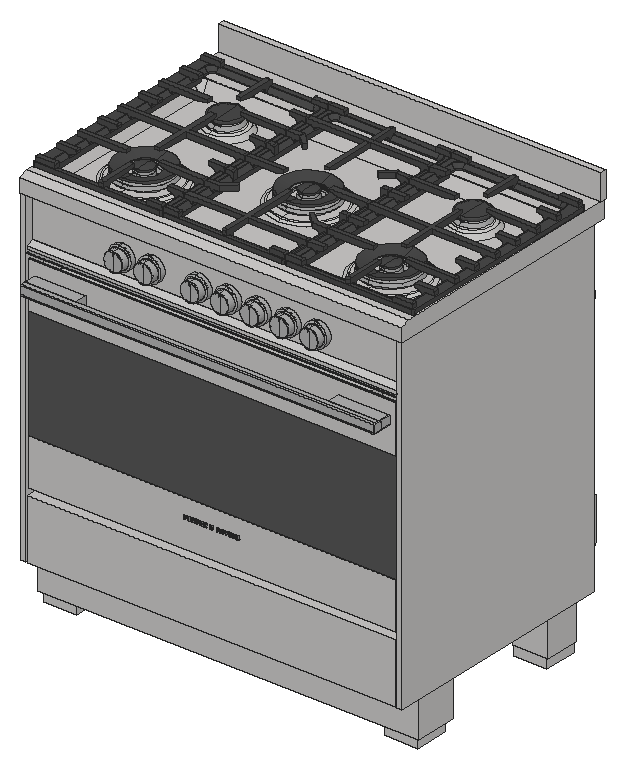
Revit family "FP_Revit_18_OR90SDG4X1_Range_90001042A", category Specialty Equipment, Revit 2018
Family settings
  Round Connector Dimension = Use Diameter
  Part Type = Normal
  OmniClass Number = 23.40.40.14.17.17
  OmniClass Title = Ranges
  Work Plane-Based = No
  Always vertical = Yes
  Cut with Voids When Loaded = Yes
  Shared = No
  Room Calculation Point = No
Parameters
  Visibility - Toe Kick Panel (Optional) = yes
  Visibility - Rear Trim (Supplied) = yes
  Visibility - Clearance Required = yes
  Visibility - Adjustable Feet Covers = yes
  URL = "www.fisherpaykel.com"
  Product - Width = 897 mm  # constant formula
  Product - Height = 915 mm  # constant formula
  Product - Depth = 641.2 mm  # constant formula
  Optional - Toe Kick Panel = "KICKOR90X1"
  Model = "OR90SDG4X1"
  Material - Trim = Fisher & Paykel - Steel, Chrome Plated
  Material - Handle = Fisher & Paykel - Aluminium
  Material - Door Front = Fisher & Paykel - Stainless Steel
  Material - Buttons and Dials = Fisher & Paykel - Aluminium
  Material - Burners & Trivets = Fisher & Paykel - Black, Matte
  Material - Body = Fisher & Paykel - Stainless Steel
  Manufacturer = "Fisher & Paykel Appliances"
  Keynote = ""
  Description = "90cm Contemporary Freestanding Dual Fuel Range (Stainless)"
  Countertop Height (min 908mm - max 933mm) = 915 mm
  Connector Description - Gas = "NG 1kPa, ULPG 2.75 kPa, Gas Connection to be Rp ½” (ISO 7-1) male"
  Connector Description - Electrical = "220-240 V, 50 Hz, 22 A"
  Clearance - Side Non-Combustible = 0 mm  # constant formula
  Clearance - Side Combustible = 200 mm  # constant formula
  Clearance - Rear Non-Combustible = 0 mm  # constant formula
  Clearance - Rear Combustible = 0 mm  # constant formula
  Clearance - Overhead Rangehood = 650 mm  # constant formula
  Clearance - Overhead Non-Combustible = 450 mm  # constant formula
  Clearance - Overhead Combustible = 650 mm  # constant formula
  Chassis - Width = 897 mm  # constant formula
  Chassis - Height = 813.6 mm  # constant formula
  Chassis - Depth = 593.5 mm  # constant formula
  Cavity - Width = 900 mm  # constant formula
  Cavity - Height = 915 mm  # constant formula
  Cavity - Depth = 600 mm  # constant formula
Reference planes
  plane 1 "Datum": y = 0
  plane 2: z = 0
  plane 3 "Center (Left/Right)": x = 0
  plane 4 "Product Height": z = 923
  plane 5 "Product LHS": x = -448.5
  plane 6 "Product RHS": x = 448.5
  plane 7 "Cavity LHS": x = -450
  plane 8 "Cavity RHS": x = 450
  plane 9 "Product Depth": y = 600
  plane 10 "Cavity Depth": y = 600
  plane 11 "Dials": z = 820.4
  plane 12 "Countertop Height": z = 915
  plane 13 "Top of Burners": z = 957
Forms (mm)
  Extrusion 1, solid, material "Fisher & Paykel - Stainless Steel" <- "Material - Body"
    sketch origin (0, 0, 0) x (0, 1, 0) y (0, 0, 1)
      loop
        line (50.7, 883) -> (50.7, 109.4) -> (565, 109.4) -> (565, 883) -> (50.7, 883)
    from -435.7 to 435.7
  Extrusion 2, solid, material "Fisher & Paykel - Stainless Steel" <- "Material - Body"
    sketch origin (0, 0, 0) x (0, 1, 0) y (0, 0, 1)
      loop
        line (19, 883) -> (19, 782.4) -> (50.7, 782.4) -> (50.7, 883) -> (19, 883)
    from -435.7 to 435.7
  Extrusion 3, solid, material "Fisher & Paykel - Stainless Steel" <- "Material - Body"
    sketch origin (0, 0, 0) x (0, 1, 0) y (0, 0, 1)
      loop
        line (31.59, 250.4) -> (1.5, 250.4) -> (1.5, 109.4) -> (31.59, 109.4) -> (31.59, 250.4)
    from -432 to 432
  Extrusion 4, solid, material "Fisher & Paykel - Clearance Required", visible <- "Visibility - Clearance Required", detail levels coarse
    sketch origin (0, 0, 0) x (0, 1, 0) y (0, 0, 1)
      loop
        line (0, 266.1) -> (0, 747.098)
        arc (0, 747.098) -> (-340.117, 606.217) -> (-480.998, 266.1) r 480.998
        line (-480.998, 266.1) -> (0, 266.1)
    from -435.7 to 435.7
  Extrusion 5, solid, material "Fisher & Paykel - Clearance Required", visible <- "Visibility - Clearance Required", detail levels coarse
    sketch origin (0, 0, 0) x (0, 1, 0) y (0, 0, 1)
      loop
        line (600, 0) -> (600, 923) -> (0, 923) -> (0, 0) -> (600, 0)
    from -450 to 450
  Extrusion 6, solid, material "Fisher & Paykel - Clearance Required (Combustible)", visible <- "Visibility - Clearance Required", detail levels coarse
    sketch origin (0, 0, 0) x (1, 0, 0) y (0, 1, 0)
      loop
        line (-450, 0) -> (-450, 600) -> (-650, 600) -> (-650, 0) -> (-450, 0)
      loop
        line (450, 0) -> (650, 0) -> (650, 600) -> (450, 600) -> (450, 0)
    from 923 to 1407
  Extrusion 7, solid, material "Fisher & Paykel - Clearance Required (Combustible)", visible <- "Visibility - Clearance Required", detail levels coarse
    sketch origin (0, 0, 0) x (1, 0, 0) y (0, 1, 0)
      loop
        line (-450, 0) -> (450, 0) -> (450, 600) -> (-450, 600) -> (-450, 0)
    from 1607 to 1407
  Extrusion 8, solid, material "Fisher & Paykel - Clearance Required (Non-Combustible)", visible <- "Visibility - Clearance Required", detail levels coarse
    sketch origin (0, 0, 0) x (1, 0, 0) y (0, 1, 0)
      loop
        line (450, 600) -> (-450, 600) -> (-450, 0) -> (450, 0) -> (450, 600)
    from 923 to 1407
  Extrusion 9, solid, material "Fisher & Paykel - Stainless Steel" <- "Material - Body"
    sketch origin (0, 0, 0) x (0, 1, 0) y (0, 0, 1)
      loop
        line (0, 883) -> (0, 109.4) -> (565, 109.4) -> (565, 883) -> (0, 883)
    from 435.7 to 447.5
  Extrusion 10, solid, material "Fisher & Paykel - Stainless Steel" <- "Material - Body"
    sketch origin (0, 0, 0) x (0, 1, 0) y (0, 0, 1)
      loop
        line (0, 883) -> (0, 109.4) -> (565, 109.4) -> (565, 883) -> (0, 883)
    from -447.504 to -435.7
  Extrusion 11, solid, material "Fisher & Paykel - Stainless Steel" <- "Material - Body"
    sketch origin (0, 0, 0) x (0, 1, 0) y (0, 0, 1)
      loop
        line (50.7, 782.4) -> (19, 782.4) -> (2, 774.4) -> (2, 767.4) -> (50.7, 767.4) -> (50.7, 782.4)
    from -435.7 to 435.7
  Extrusion 12, solid, material "Fisher & Paykel - Steel, Chrome Plated" <- "Material - Trim", detail levels fine
    sketch origin (0, 0, 0) x (0, 1, 0) y (0, 0, 1)
      loop
        line (1.349, 762.4) -> (1.349, 760.4) -> (50.7, 760.4) -> (50.7, 762.4) -> (1.349, 762.4)
    from -435.7 to 435.7
  Extrusion 13, solid, material "Fisher & Paykel - Stainless Steel" <- "Material - Body"
    sketch origin (0, 0, 0) x (0, 1, 0) y (0, 0, 1)
      loop
        line (-1.5, 914.915) -> (-1.5, 883) -> (593.5, 883) -> (593.5, 923) -> (18.511, 923) -> (-1.5, 914.915)
    from -448.5 to 448.5
  Extrusion 14, solid, material "Fisher & Paykel - Stainless Steel" <- "Material - Body", visible <- "Visibility - Adjustable Feet Covers"
    sketch origin (0, 0, 0) x (1, 0, 0) y (0, 1, 0)
      loop
        line (-360.4, 137.7) -> (-442.5, 137.7) -> (-442.5, 55.7) -> (-360.4, 55.7) -> (-360.4, 137.7)
      loop
        line (-360.4, 516.7) -> (-442.482, 516.7) -> (-442.482, 434.7) -> (-360.4, 434.7) -> (-360.4, 516.7)
      loop
        line (360.4, 137.7) -> (360.4, 55.7) -> (442.5, 55.7) -> (442.5, 137.7) -> (360.4, 137.7)
      loop
        line (360.4, 516.7) -> (360.4, 434.7) -> (442.482, 434.7) -> (442.482, 516.7) -> (360.4, 516.7)
    from 23.7 to 109.4
  Extrusion 15, solid, material "Fisher & Paykel - Stainless Steel" <- "Material - Body", visible <- "Visibility - Adjustable Feet Covers"
    sketch origin (0, 0, 0) x (1, 0, 0) y (0, 1, 0)
      loop
        line (-362.4, 514.7) -> (-440.5, 514.7) -> (-440.5, 436.7) -> (-362.4, 436.7) -> (-362.4, 514.7)
      loop
        line (-362.4, 135.7) -> (-440.5, 135.7) -> (-440.5, 57.7) -> (-362.4, 57.7) -> (-362.4, 135.7)
      loop
        line (362.4, 514.7) -> (362.4, 436.7) -> (440.5, 436.7) -> (440.5, 514.7) -> (362.4, 514.7)
      loop
        line (362.4, 135.7) -> (362.4, 57.7) -> (440.5, 57.7) -> (440.5, 135.7) -> (362.4, 135.7)
    from 0 to 23.7
  Extrusion 16, solid, material "Fisher & Paykel - Stainless Steel" <- "Material - Body", visible <- "Visibility - Toe Kick Panel (Optional)"
    sketch origin (0, 0, 0) x (1, 0, 0) y (0, 1, 0)
      loop
        line (-442.5, 151.534) -> (-447.504, 151.534) -> (-447.504, 50.7) -> (447.35, 50.7) -> (447.35, 151.534) -> (442.5, 151.534) -> (442.5, 55.7) -> (-442.5, 55.7) -> (-442.5, 151.534)
    from 23.7 to 109.4
  Extrusion 17, solid, material "Fisher & Paykel - Stainless Steel" <- "Material - Door Front"
    sketch origin (0, 0, 0) x (0, 1, 0) y (0, 0, 1)
      loop
        line (7.845, 745.371) -> (7.845, 273.1) -> (43.8, 273.1) -> (43.8, 741.592) -> (7.845, 745.371)
    from -365 to 365
  Extrusion 18, void
    sketch origin (0, 0, 0) x (1, 0, 0) y (0, 1, 0)
      loop
        arc (-402.8, 492.791) -> (-416.942, 486.933) -> (-422.8, 472.791) r 20
        line (-422.8, 472.791) -> (-422.8, 66.2)
        arc (-422.8, 66.2) -> (-415.478, 48.522) -> (-397.8, 41.2) r 25
        line (-397.8, 41.2) -> (397.8, 41.2)
        arc (397.8, 41.2) -> (415.478, 48.522) -> (422.8, 66.2) r 25
        line (422.8, 66.2) -> (422.8, 466.59)
        arc (422.8, 466.59) -> (415.126, 485.117) -> (396.6, 492.791) r 26.2
        line (396.6, 492.791) -> (-402.8, 492.791)
    from 883 to 923
  Extrusion 19, solid, material "Fisher & Paykel - Stainless Steel" <- "Material - Body", not visible
    sketch origin (0, 0, 0) x (0, 1, 0) y (0, 0, 1)
      loop
        line (584, 983) -> (584, 923) -> (598.5, 923) -> (598.5, 983) -> (584, 983)
    from -448.5 to 448.5
  Revolve 20, solid, material "Fisher & Paykel - Stainless Steel" <- "Material - Body", detail levels fine
    sketch origin (-290.104, 3.75, 0) x (0, 1, 0) y (0, 0, 1)
      loop
        line (163, 893) -> (163, 897) -> (84.905, 897)
        arc (84.905, 897) -> (83.174, 896.81) -> (81.524, 896.25) r 8
        line (81.524, 896.25) -> (74.554, 893) -> (163, 893)
      axis (163, 893) -> (163, 897)
    angle from 0 to 360
  Revolve 21, solid, material "Fisher & Paykel - Stainless Steel" <- "Material - Body", detail levels fine
    sketch origin (-290.104, -6.25, 0) x (0, 1, 0) y (0, 0, 1)
      loop
        line (414.1, 907.049) -> (372.389, 907.049)
        arc (372.389, 907.049) -> (368.674, 906.135) -> (365.808, 903.599) r 8
        line (365.808, 903.599) -> (358.481, 893) -> (414.1, 893) -> (414.1, 907.049)
      axis (414.1, 893) -> (414.1, 907.049)
    angle from 0 to 360
  Extrusion 22, void
    sketch origin (0, 0, 0) x (1, 0, 0) y (0, 0, 1)
      loop
        line (351.8, 237) -> (-428.7, 237) -> (-428.7, 109.4) -> (428.7, 109.4) -> (428.7, 883) -> (351.8, 883) -> (351.8, 237)
    from -609.888 to -519.5
  Extrusion 23, solid, material "Fisher & Paykel - Stainless Steel" <- "Material - Body", detail levels medium+fine
    sketch origin (0, 0, 0) x (1, 0, 0) y (0, 1, 0)
      loop
        circle (-370, 550.5) r 6
    from 137 to 237
  Extrusion 24, solid, material "Fisher & Paykel - Stainless Steel"
    sketch origin (0, 0, 0) x (1, 0, 0) y (0, 0, 1)
      loop
        circle (-420.064, 912.06) r 4.009
      loop
        circle (-420.064, 912.06) r 7.491
      loop
        circle (420.064, 912.06) r 4.009
      loop
        circle (420.064, 912.06) r 7.491
    from -593.5 to -598.5
  Extrusion 25, solid, material "Fisher & Paykel - Stainless Steel" <- "Material - Body"
    sketch origin (0, 0, 0) x (1, 0, 0) y (0, 0, 1)
      loop
        line (-308.2, 367) -> (-428.7, 367) -> (-428.7, 237) -> (-308.2, 237) -> (-308.2, 367)
    from -587.5 to -565
  Extrusion 26, solid, material "Fisher & Paykel - Stainless Steel" <- "Material - Body"
    sketch origin (0, 0, 1000) x (1, 0, 0) y (0, 0, 1)
      loop
        line (227.779, -394.6) -> (-310.779, -394.6)
        arc (-310.779, -394.6) -> (-380.07, -440.899) -> (-363.812, -522.633) r 75
        line (-363.812, -522.633) -> (-237.954, -648.491)
        arc (-237.954, -648.491) -> (-220.111, -660.413) -> (-199.064, -664.6) r 55
        line (-199.064, -664.6) -> (116.064, -664.6)
        arc (116.064, -664.6) -> (137.111, -660.413) -> (154.954, -648.491) r 55
        line (154.954, -648.491) -> (280.812, -522.633)
        arc (280.812, -522.633) -> (297.07, -440.899) -> (227.779, -394.6) r 75
    from -578.5 to -565
  Revolve 27, solid, material "Fisher & Paykel - Stainless Steel" <- "Material - Body", detail levels fine
    sketch origin (290.104, 3.75, 0) x (0, 1, 0) y (0, 0, -1)
      loop
        line (163, -893) -> (74.554, -893) -> (81.524, -896.25)
        arc (81.524, -896.25) -> (83.174, -896.81) -> (84.905, -897) r 8
        line (84.905, -897) -> (163, -897) -> (163, -893)
      axis (163, -893) -> (163, -897)
    angle from 0 to 360
  Revolve 28, solid, material "Fisher & Paykel - Stainless Steel" <- "Material - Body", detail levels fine
    sketch origin (290.104, -6.25, 0) x (0, 1, 0) y (0, 0, -1)
      loop
        line (414.1, -907.049) -> (414.1, -893) -> (358.481, -893) -> (365.808, -903.599)
        arc (365.808, -903.599) -> (368.674, -906.135) -> (372.389, -907.049) r 8
        line (372.389, -907.049) -> (414.1, -907.049)
      axis (414.1, -893) -> (414.1, -907.049)
    angle from 0 to 360
  Revolve 29, solid, material "Fisher & Paykel - Stainless Steel" <- "Material - Body", detail levels fine
    sketch origin (0, 123.75, 0) x (0, 1, 0) y (0, 0, 1)
      loop
        line (163, 893) -> (163, 897) -> (84.905, 897)
        arc (84.905, 897) -> (83.174, 896.81) -> (81.524, 896.25) r 8
        line (81.524, 896.25) -> (74.554, 893) -> (163, 893)
      axis (163, 893) -> (163, 897)
    angle from 0 to 360
  Extrusion 30, solid, material "Fisher & Paykel - Stainless Steel" <- "Material - Body", detail levels medium+fine
    sketch origin (0, 0, 0) x (1, 0, 0) y (0, 0, 1)
      loop
        arc (159.044, 220.6) -> (155.509, 219.136) -> (154.044, 215.6) r 5
        line (154.044, 215.6) -> (154.044, 165.6)
        arc (154.044, 165.6) -> (155.509, 162.064) -> (159.044, 160.6) r 5
        line (159.044, 160.6) -> (208.84, 160.6)
        arc (208.84, 160.6) -> (212.375, 162.064) -> (213.84, 165.6) r 5
        line (213.84, 165.6) -> (213.84, 215.6)
        arc (213.84, 215.6) -> (212.375, 219.136) -> (208.84, 220.6) r 5
        line (208.84, 220.6) -> (159.044, 220.6)
    from -556.873 to -549.515
  Revolve 31, solid, material "Fisher & Paykel - Stainless Steel" <- "Material - Body", detail levels medium+fine
    sketch origin (0, 569.5, 0) x (1, 0, 0) y (0, 0, 1)
      loop
        line (145.68, 191.077) -> (245, 191.077) -> (245, 204.6) -> (232, 204.6) -> (232, 201.081) -> (222, 201.081) -> (222, 208.65) -> (210, 208.65) -> (210, 201.85) -> (157.68, 201.85) -> (157.68, 208.65) -> (145.68, 208.65) -> (145.68, 191.077)
      axis (145.68, 191.077) -> (245, 191.077)
    angle from 0 to 360
  Extrusion 32, solid, material "Fisher & Paykel - Stainless Steel" <- "Material - Body", detail levels medium+fine
    sketch origin (0, 0, 1000) x (1, 0, 0) y (0, 0, 1)
      loop
        circle (183.596, -809.4) r 26.954
    from -565.952 to -556.873
  Extrusion 33, solid, material "Fisher & Paykel - Stainless Steel" <- "Material - Body"
    sketch origin (0, 0, 0) x (1, 0, 0) y (0, 0, 1)
      loop
        circle (395, 716.093) r 34.119
    from -590 to -570.221
  Extrusion 34, solid, material "Fisher & Paykel - Stainless Steel" <- "Material - Body"
    sketch origin (0, 0, 0) x (1, 0, 0) y (0, 0, 1)
      loop
        circle (395, 716.093) r 10
    from -598 to -590
  Revolve 35, solid, material "Fisher & Paykel - Stainless Steel" <- "Material - Body", detail levels medium+fine
    sketch origin (0, 569.346, 0) x (1, 0, 0) y (0, 0, 1)
      loop
        line (395, 758.6) -> (395, 673.6) -> (413.153, 673.6) -> (413.153, 693.6) -> (406.654, 693.6) -> (406.654, 738.6) -> (413.153, 738.6) -> (413.153, 758.6) -> (395, 758.6)
      axis (395, 758.6) -> (395, 673.6)
    angle from 0 to 360
  Sweep 36, solid, material "Fisher & Paykel - Stainless Steel" <- "Material - Body"
    path origin (395, 0, 0) x (0, 1, 0) y (0, 0, 1)
      loop
        line (569.499, 218.575) -> (569.499, 839.583)
        arc (569.499, 839.583) -> (562.465, 856.566) -> (545.482, 863.6) r 24.017
        line (545.482, 863.6) -> (519.5, 863.6)
    profile origin (395, 532.491, 863.6) x (0, 0, -1) y (1, 0, 0)
      loop
        circle (0, 0) r 8
  Sweep 37, solid, material "Fisher & Paykel - Stainless Steel" <- "Material - Body", detail levels medium+fine
    path origin (0, 569.5, 0) x (1, 0, 0) y (0, 0, 1)
      loop
        line (245, 191.077) -> (367.503, 191.077)
        arc (367.503, 191.077) -> (386.946, 199.131) -> (395, 218.575) r 27.497
    profile origin (306.252, 569.5, 191.077) x (0, 0, 1) y (0, -1, 0)
      loop
        circle (0, 0) r 8
  Sweep 38, solid, material "Fisher & Paykel - Stainless Steel" <- "Material - Body", detail levels medium+fine
    path in 3D
      loop
        arc (396.6, 492.791, 923) -> (415.126, 485.117, 923) -> (422.8, 466.59, 923) r 26.2
        line (422.8, 466.59, 923) -> (422.8, 66.2, 923)
        arc (422.8, 66.2, 923) -> (415.478, 48.522, 923) -> (397.8, 41.2, 923) r 25
        line (397.8, 41.2, 923) -> (-397.8, 41.2, 923)
        arc (-397.8, 41.2, 923) -> (-415.478, 48.522, 923) -> (-422.8, 66.2, 923) r 25
        line (-422.8, 66.2, 923) -> (-422.8, 472.791, 923)
        arc (-422.8, 472.791, 923) -> (-416.942, 486.933, 923) -> (-402.8, 492.791, 923) r 20
        line (-402.8, 492.791, 923) -> (396.6, 492.791, 923)
    profile origin (-3.1, 492.791, 923) x (0, 1, 0) y (0, 0, 1)
      loop
        line (0, 0) -> (-17.321, -30) -> (0, -30) -> (0, 0)
  Extrusion 39, solid, material "Fisher & Paykel - Stainless Steel" <- "Material - Body"
    sketch origin (0, 0, 0) x (1, 0, 0) y (0, 1, 0)
      loop
        circle (-401.482, 475.7) r 25
      loop
        circle (-401.5, 96.7) r 25
      loop
        circle (401.482, 475.7) r 25
      loop
        circle (401.5, 96.7) r 25
    from 0 to 109.4
  Extrusion 40, solid, material "Fisher & Paykel - Stainless Steel" <- "Material - Door Front"
    sketch origin (0, 0, 0) x (0, 1, 0) y (0, 0, 1)
      loop
        line (2.8, 265.5) -> (3.8, 265.5) -> (3.8, 376.471) -> (2.8, 376.471) -> (2.8, 265.5)
      loop
        line (2.8, 637.7) -> (3.8, 637.7) -> (3.8, 747.7) -> (2.8, 747.7) -> (2.8, 637.7)
    from -432 to 432
  Extrusion 41, solid, material "Fisher & Paykel - Stainless Steel" <- "Material - Body", visible <- "Visibility - Rear Trim (Supplied)"
    sketch origin (0, 0, 0) x (0, 1, 0) y (0, 0, 1)
      loop
        line (584, 983) -> (584, 923) -> (598.5, 923) -> (598.5, 983) -> (584, 983)
    from -448.5 to 448.5
  Extrusion 42, solid, material "Fisher & Paykel - Glass, Black"
    sketch origin (0, 0, 0) x (0, 1, 0) y (0, 0, 1)
      loop
        line (3.8, 747.7) -> (3.8, 265.5) -> (7.845, 265.5) -> (7.845, 747.7) -> (3.8, 747.7)
    from -432 to 432
  Extrusion 43, void
    sketch origin (0, 0, 0) x (0, 1, 0) y (0, 0, 1)
      loop
        line (600, 0) -> (600, 923) -> (-40, 923) -> (-40, 0) -> (600, 0)
    from -450 to 450
  Revolve 44, solid, material "Fisher & Paykel - Stainless Steel" <- "Material - Body", not visible, detail levels fine
    sketch origin (-290.104, 2003.75, 0) x (0, 1, 0) y (0, 0, 1)
      loop
        line (163, 893) -> (163, 897) -> (84.905, 897)
        arc (84.905, 897) -> (83.174, 896.81) -> (81.524, 896.25) r 8
        line (81.524, 896.25) -> (74.554, 893) -> (163, 893)
      axis (163, 893) -> (163, 897)
    angle from 0 to 360
  Revolve 45, solid, material "Fisher & Paykel - Stainless Steel" <- "Material - Body", not visible, detail levels fine
    sketch origin (-290.104, 1993.75, 0) x (0, 1, 0) y (0, 0, 1)
      loop
        line (414.1, 907.049) -> (372.389, 907.049)
        arc (372.389, 907.049) -> (368.674, 906.135) -> (365.808, 903.599) r 8
        line (365.808, 903.599) -> (358.481, 893) -> (414.1, 893) -> (414.1, 907.049)
      axis (414.1, 893) -> (414.1, 907.049)
    angle from 0 to 360
  Revolve 46, solid, material "Fisher & Paykel - Stainless Steel" <- "Material - Body", not visible, detail levels fine
    sketch origin (290.104, 2003.75, 0) x (0, 1, 0) y (0, 0, -1)
      loop
        line (163, -893) -> (74.554, -893) -> (81.524, -896.25)
        arc (81.524, -896.25) -> (83.174, -896.81) -> (84.905, -897) r 8
        line (84.905, -897) -> (163, -897) -> (163, -893)
      axis (163, -893) -> (163, -897)
    angle from 0 to 360
  Revolve 47, solid, material "Fisher & Paykel - Stainless Steel" <- "Material - Body", not visible, detail levels fine
    sketch origin (290.104, 1993.75, 0) x (0, 1, 0) y (0, 0, -1)
      loop
        line (414.1, -907.049) -> (414.1, -893) -> (358.481, -893) -> (365.808, -903.599)
        arc (365.808, -903.599) -> (368.674, -906.135) -> (372.389, -907.049) r 8
        line (372.389, -907.049) -> (414.1, -907.049)
      axis (414.1, -893) -> (414.1, -907.049)
    angle from 0 to 360
  Revolve 48, solid, material "Fisher & Paykel - Stainless Steel" <- "Material - Body", not visible, detail levels fine
    sketch origin (0, 2123.75, 0) x (0, 1, 0) y (0, 0, 1)
      loop
        line (163, 893) -> (163, 897) -> (84.905, 897)
        arc (84.905, 897) -> (83.174, 896.81) -> (81.524, 896.25) r 8
        line (81.524, 896.25) -> (74.554, 893) -> (163, 893)
      axis (163, 893) -> (163, 897)
    angle from 0 to 360
Cuts and joins
  Extrusion 18, Extrusion 22 cuts Extrusion 1
  Extrusion 18 cuts Extrusion 5
  Extrusion 18 cuts Extrusion 14
  Extrusion 18 cuts Extrusion 15
  Extrusion 18 cuts Extrusion 16
  Extrusion 18 cuts Extrusion 13
Lines and regions (mm)
  sketch lines
    curve 1: line (-402.8, 492.791, 923) -> (396.6, 492.791, 923)
    curve 2: arc (-402.8, 492.791, 923) -> (-416.942, 486.933, 923) -> (-422.8, 472.791, 923) r 20
    curve 3: line (-422.8, 66.2, 923) -> (-422.8, 472.791, 923)
    curve 4: arc (-422.8, 66.2, 923) -> (-415.478, 48.522, 923) -> (-397.8, 41.2, 923) r 25
    curve 5: line (397.8, 41.2, 923) -> (-397.8, 41.2, 923)
    curve 6: arc (397.8, 41.2, 923) -> (415.478, 48.522, 923) -> (422.8, 66.2, 923) r 25
    curve 7: line (422.8, 466.59, 923) -> (422.8, 66.2, 923)
    curve 8: arc (422.8, 466.59, 923) -> (415.126, 485.117, 923) -> (396.6, 492.791, 923) r 26.2
Text (mm)
  text "Due to ongoing product development, product details are subject to change without notice. \nPlease always refer to www.fisherpaykel.com for the most current product information. \n© Fisher & Paykel 2020" at (41.04, -544.815, 0), in view "Ref. Level (Plan)"
Dimensions and locks
  equal spacing: plane 5 "Product LHS", plane 3 "Center (Left/Right)", plane 6 "Product RHS"
  "Product - Width": plane 5 "Product LHS" to plane 6 "Product RHS"
  equal spacing: plane 7 "Cavity LHS", plane 3 "Center (Left/Right)", plane 8 "Cavity RHS"
  "Cavity - Width": plane 7 "Cavity LHS" to plane 8 "Cavity RHS"
  locked: plane 4 "Product Height" to nested 1 at 592.51
  "Clearance - Side Combustible": Extrusion 6 sketch curve to Extrusion 5
  "Clearance - Side Combustible": Extrusion 5 to Extrusion 6 sketch curve
  Extrusion 6 to plane 4 "Product Height" = 484 mm
  Extrusion 7 to plane 4 "Product Height" = 484 mm
  Extrusion 8 to plane 4 "Product Height" = 484 mm
  "Clearance - Side Combustible": Extrusion 8 to Extrusion 6
  "Clearance - Side Combustible": Extrusion 6 to Extrusion 8
  locked: plane 4 "Product Height" to Extrusion 9 at 40
  plane 5 "Product LHS" to Extrusion 14 sketch curve = 88.1 mm
  locked: plane 4 "Product Height" to Extrusion 9 at 813.6  (x2)
  equal spacing: cut or joined group of Extrusion 13, Extrusion 18, plane 3 "Center (Left/Right)", cut or joined group of Extrusion 13, Extrusion 18
  locked: Extrusion 6 to plane 11 "Dials" at 102.6
  Extrusion 6 to nested 2 = 18.8 mm
  plane 4 "Product Height" to Extrusion 12 = 160.6 mm
  locked: plane 4 "Product Height" to plane 11 "Dials" at 102.6
  locked: Extrusion 17 to plane 4 "Product Height" at 649.9
  cut or joined group of Extrusion 1, Extrusion 18, Extrusion 22 to plane 11 "Dials" = 711 mm
  cut or joined group of Extrusion 1, Extrusion 18, Extrusion 22 to cut or joined group of Extrusion 1, Extrusion 18, Extrusion 22 = 127.6 mm
  locked: plane 4 "Product Height" to nested 2 at 22.879
  locked: plane 4 "Product Height" to nested 3 at 13
  locked: cut or joined group of Extrusion 16, Extrusion 18 to Extrusion 9 at 85.7
  locked: cut or joined group of Extrusion 14, Extrusion 18 to Extrusion 9 at 85.7
  locked: cut or joined group of Extrusion 1, Extrusion 18, Extrusion 22 to Extrusion 9 at 127.6
  locked: Revolve 35 to plane 4 "Product Height" at 249.4
  locked: plane 4 "Product Height" to Sweep 38 at 30  (x2)
  locked: plane 4 "Product Height" to Extrusion 11 at 155.6
  Extrusion 3 sketch curve to Extrusion 3 sketch curve = 141 mm
  locked: Extrusion 25 to plane 4 "Product Height" at 556
  locked: Extrusion 23 to cut or joined group of Extrusion 1, Extrusion 18, Extrusion 22 at 100
  locked: Sweep 36 sketch curve to Extrusion 6 at 704.425
  locked: cut or joined group of Extrusion 14, Extrusion 18 to Extrusion 10 at 85.7
  locked: Extrusion 26 sketch curve to plane 4 "Product Height" at 317.6
  locked: cut or joined group of Extrusion 1, Extrusion 18, Extrusion 22 to plane 4 "Product Height" at 686
  locked: Revolve 31 sketch curve to plane 4 "Product Height" at 731.923
  locked: Extrusion 30 sketch curve to Extrusion 30 sketch curve at 60
  locked: Extrusion 30 sketch curve to plane 4 "Product Height" at 762.4
  locked: Extrusion 32 sketch curve to plane 4 "Product Height" at 732.4
  locked: Extrusion 6 to cut or joined group of Extrusion 14, Extrusion 18 at 813.6
  locked: Extrusion 23 to Extrusion 9 at 127.6
  locked: plane 4 "Product Height" to Extrusion 4 at 656.9
  locked: plane 12 "Countertop Height" to plane 4 "Product Height" at 8
  locked: Sweep 38 to plane 4 "Product Height" at 30
  "Countertop Height (min 908mm - max 933mm)": level to plane 12 "Countertop Height"
  locked: plane 4 "Product Height" to cut or joined group of Extrusion 5, Extrusion 18 at 40
  locked: Extrusion 30 to plane 4 "Product Height" at 702.4
  locked: Sweep 37 sketch curve to Sweep 36 at 27.497
  locked: Extrusion 3 to plane 4 "Product Height" at 813.6
  locked: plane 4 "Product Height" to Extrusion 3 at 672.6
  locked: plane 4 "Product Height" to Extrusion 40 at 546.529
  locked: Extrusion 40 to plane 4 "Product Height" at 285.3
  locked: nested 11 to plane 11 "Dials" at 27.732
  locked: nested 9 to plane 11 "Dials" at 27.732
  locked: nested 8 to plane 11 "Dials" at 27.732
  locked: nested 7 to plane 11 "Dials" at 27.732
  locked: nested 6 to plane 11 "Dials" at 27.732
  locked: nested 5 to plane 11 "Dials" at 27.732
  locked: nested 4 to plane 11 "Dials" at 27.732
  plane 4 "Product Height" to nested 17 = 204.337 mm
  locked: plane 13 "Top of Burners" to plane 4 "Product Height" at 34
  "Clearance - Overhead Non-Combustible": Extrusion 6 to plane 13 "Top of Burners"
  "Clearance - Overhead Combustible": Extrusion 7 to plane 13 "Top of Burners"
  locked: plane 4 "Product Height" to nested 18 at 740.6
  locked: plane 4 "Product Height" to nested 17 at 204.337
  locked: plane 4 "Product Height" to Extrusion 42 at 175.3
  locked: Extrusion 42 to plane 4 "Product Height" at 657.5
  locked: nested 15 to plane 4 "Product Height" at 22.3
  "Product - Depth": nested 17 to plane 9 "Product Depth"
  "Cavity - Depth": plane 1 "Datum" to plane 10 "Cavity Depth"
  "Chassis - Depth": cut or joined group of Extrusion 13, Extrusion 18 to Extrusion 6
  aligned and locked: level to plane 2
  aligned and locked: Extrusion 5 sketch curve to plane 4 "Product Height"
  aligned and locked: Extrusion 5 to plane 8 "Cavity RHS"
  aligned and locked: Extrusion 5 to plane 7 "Cavity LHS"
  aligned and locked: Extrusion 6 sketch curve to plane 8 "Cavity RHS"
  aligned and locked: Extrusion 6 sketch curve to plane 7 "Cavity LHS"
  aligned and locked: Extrusion 5 to Extrusion 7 sketch curve
  aligned and locked: Extrusion 8 sketch curve to Extrusion 5
  aligned and locked: Extrusion 5 to Extrusion 8 sketch curve
  aligned and locked: cut or joined group of Extrusion 1, Extrusion 18, Extrusion 22 to Extrusion 2  (x2)
  aligned and locked: Extrusion 9 sketch curve to plane 1 "Datum"
  aligned and locked: Extrusion 2 to Extrusion 11
  aligned and locked: Extrusion 2 to Extrusion 12
  aligned and locked: Extrusion 11 to Extrusion 2
  aligned and locked: Extrusion 12 to Extrusion 2
  aligned and locked: Extrusion 15 to level
  aligned and locked: Extrusion 15 to Extrusion 14
  aligned and locked: Extrusion 16 sketch curve to Extrusion 14
  aligned and locked: Extrusion 16 sketch curve to Extrusion 2
  aligned and locked: plane 4 "Product Height" to Extrusion 18
  aligned and locked: Extrusion 19 to plane 6 "Product RHS"
  aligned and locked: plane 5 "Product LHS" to Extrusion 19
  aligned and locked: Extrusion 16 to cut or joined group of Extrusion 14, Extrusion 18
  aligned and locked: plane 10 "Cavity Depth" to Extrusion 7
  aligned and locked: Extrusion 6 sketch curve to plane 10 "Cavity Depth"
  aligned and locked: Extrusion 13 to plane 5 "Product LHS"
  aligned and locked: Extrusion 13 to plane 6 "Product RHS"
  aligned and locked: Extrusion 10 to cut or joined group of Extrusion 1, Extrusion 18, Extrusion 22
  aligned and locked: Extrusion 39 to cut or joined group of Extrusion 1, Extrusion 18, Extrusion 22
  aligned and locked: Extrusion 8 to plane 4 "Product Height"
  aligned and locked: Extrusion 7 to Extrusion 8
  aligned and locked: Sweep 37 sketch curve to Sweep 36
  aligned and locked: Extrusion 16 to cut or joined group of Extrusion 1, Extrusion 18, Extrusion 22
  aligned and locked: Extrusion 41 to plane 6 "Product RHS"
  aligned and locked: Extrusion 1 to Extrusion 22
Automatic sketch dimensions
  Revolve 20 sketch curve to Revolve 20 sketch curve = 6.971 mm
  Revolve 20 sketch curve to Revolve 20 sketch curve = 3.381 mm
  Revolve 20 sketch curve to Revolve 20 sketch curve = 78.095 mm
  Revolve 20 sketch curve to Revolve 20 sketch curve = 7.25 mm
  Revolve 20 sketch curve to Revolve 20 sketch curve = 0 mm  (x2)
  Revolve 21 sketch curve to Revolve 21 sketch curve = 7.328 mm
  Revolve 21 sketch curve to Revolve 21 sketch curve = 6.58 mm
  Revolve 21 sketch curve to Revolve 21 sketch curve = 41.711 mm
  Revolve 21 sketch curve to Revolve 21 sketch curve = 0 mm
  Revolve 21 sketch curve to Revolve 21 sketch curve = 3.451 mm
  Revolve 27 sketch curve to Revolve 27 sketch curve = 6.971 mm
  Revolve 27 sketch curve to Revolve 27 sketch curve = 3.381 mm
  Revolve 27 sketch curve to Revolve 27 sketch curve = 78.095 mm
  Revolve 27 sketch curve to Revolve 27 sketch curve = 4 mm
  Revolve 27 sketch curve to Revolve 27 sketch curve = 0 mm  (x2)
  Revolve 28 sketch curve to Revolve 28 sketch curve = 7.328 mm
  Revolve 28 sketch curve to Revolve 28 sketch curve = 6.58 mm
  Revolve 28 sketch curve to Revolve 28 sketch curve = 41.711 mm
  Revolve 28 sketch curve to Revolve 28 sketch curve = 0 mm
  Revolve 28 sketch curve to Revolve 28 sketch curve = 3.451 mm  (x2)
  Revolve 29 sketch curve to Revolve 29 sketch curve = 6.971 mm
  Revolve 29 sketch curve to Revolve 29 sketch curve = 3.381 mm
  Revolve 29 sketch curve to Revolve 29 sketch curve = 78.095 mm
  Revolve 29 sketch curve to Revolve 29 sketch curve = 7.25 mm
  Revolve 29 sketch curve to Revolve 29 sketch curve = 0 mm  (x2)
  Revolve 20 sketch curve to Revolve 20 sketch curve = 3.25 mm
  Revolve 20 sketch curve to Revolve 20 sketch curve = 11 mm
  Revolve 21 sketch curve to Revolve 21 sketch curve = 6.05 mm
  Revolve 21 sketch curve to Revolve 21 sketch curve = 4.549 mm
  Revolve 21 sketch curve to Revolve 21 sketch curve = 26.143 mm
  Revolve 27 sketch curve to Revolve 27 sketch curve = 0.75 mm
  Revolve 27 sketch curve to Revolve 27 sketch curve = 11 mm
  Revolve 28 sketch curve to Revolve 28 sketch curve = 14.05 mm
  Revolve 28 sketch curve to Revolve 28 sketch curve = 26.143 mm
  Revolve 29 sketch curve to Revolve 29 sketch curve = 3.25 mm
  Revolve 29 sketch curve to Revolve 29 sketch curve = 11 mm
  Extrusion 1 sketch curve to plane 1 "Datum" = 50.7 mm
  plane 9 "Product Depth" to Extrusion 1 sketch curve = 35 mm
  level to Extrusion 1 sketch curve = 109.4 mm
  plane 12 "Countertop Height" to Extrusion 1 sketch curve = 32 mm
  Extrusion 2 sketch curve to plane 1 "Datum" = 19 mm
  Extrusion 2 sketch curve to Extrusion 2 sketch curve = 31.7 mm
  plane 11 "Dials" to Extrusion 2 sketch curve = 38 mm
  plane 12 "Countertop Height" to Extrusion 2 sketch curve = 32 mm
  Extrusion 3 sketch curve to plane 1 "Datum" = 1.5 mm
  Extrusion 3 sketch curve to Extrusion 3 sketch curve = 30.09 mm
  level to Extrusion 3 sketch curve = 109.4 mm
  Extrusion 4 sketch curve to plane 1 "Datum" = 0 mm
  Extrusion 4 sketch curve to Extrusion 4 sketch curve = 480.998 mm
  level to Extrusion 4 sketch curve = 266.1 mm
  Extrusion 5 sketch curve to level = 0 mm
  Extrusion 5 sketch curve to plane 1 "Datum" = 0 mm
  Extrusion 5 sketch curve to plane 9 "Product Depth" = 0 mm
  Extrusion 7 sketch curve to plane 8 "Cavity RHS" = 0 mm
  plane 1 "Datum" to Extrusion 7 sketch curve = 0 mm
  plane 9 "Product Depth" to Extrusion 7 sketch curve = 0 mm
  Extrusion 8 sketch curve to plane 7 "Cavity LHS" = 0 mm
  plane 1 "Datum" to Extrusion 8 sketch curve = 0 mm
  plane 9 "Product Depth" to Extrusion 9 sketch curve = 35 mm
  level to Extrusion 9 sketch curve = 109.4 mm
  plane 12 "Countertop Height" to Extrusion 9 sketch curve = 32 mm
  Extrusion 10 sketch curve to plane 1 "Datum" = 0 mm
  plane 9 "Product Depth" to Extrusion 10 sketch curve = 35 mm
  level to Extrusion 10 sketch curve = 109.4 mm
  plane 12 "Countertop Height" to Extrusion 10 sketch curve = 32 mm
  Extrusion 11 sketch curve to plane 1 "Datum" = 2 mm
  Extrusion 11 sketch curve to Extrusion 11 sketch curve = 17 mm
  Extrusion 11 sketch curve to Extrusion 11 sketch curve = 31.7 mm
  plane 11 "Dials" to Extrusion 11 sketch curve = 53 mm
  Extrusion 11 sketch curve to Extrusion 11 sketch curve = 7 mm
  Extrusion 11 sketch curve to Extrusion 11 sketch curve = 15 mm
  Extrusion 12 sketch curve to plane 1 "Datum" = 1.349 mm
  Extrusion 12 sketch curve to Extrusion 12 sketch curve = 49.351 mm
  plane 11 "Dials" to Extrusion 12 sketch curve = 60 mm
  Extrusion 12 sketch curve to Extrusion 12 sketch curve = 2 mm
  Extrusion 13 sketch curve to plane 4 "Product Height" = 0 mm
  plane 1 "Datum" to Extrusion 13 sketch curve = 1.5 mm
  Extrusion 13 sketch curve to plane 1 "Datum" = 18.511 mm
  plane 9 "Product Depth" to Extrusion 13 sketch curve = 6.5 mm
  plane 12 "Countertop Height" to Extrusion 13 sketch curve = 0.085 mm
  plane 12 "Countertop Height" to Extrusion 13 sketch curve = 32 mm
  Extrusion 14 sketch curve to plane 5 "Product LHS" = 6.018 mm
  Extrusion 14 sketch curve to plane 5 "Product LHS" = 6 mm
  Extrusion 14 sketch curve to Extrusion 14 sketch curve = 82.081 mm
  plane 6 "Product RHS" to Extrusion 14 sketch curve = 88.1 mm  (x2)
  plane 6 "Product RHS" to Extrusion 14 sketch curve = 6.018 mm
  plane 6 "Product RHS" to Extrusion 14 sketch curve = 6 mm
  Extrusion 14 sketch curve to plane 1 "Datum" = 55.7 mm  (x2)
  Extrusion 14 sketch curve to Extrusion 14 sketch curve = 82 mm  (x4)
  plane 9 "Product Depth" to Extrusion 14 sketch curve = 165.3 mm  (x2)
  Extrusion 15 sketch curve to plane 5 "Product LHS" = 8 mm  (x2)
  Extrusion 15 sketch curve to Extrusion 15 sketch curve = 78.1 mm  (x2)
  plane 6 "Product RHS" to Extrusion 15 sketch curve = 86.1 mm  (x2)
  plane 6 "Product RHS" to Extrusion 15 sketch curve = 8 mm  (x2)
  Extrusion 15 sketch curve to plane 1 "Datum" = 57.7 mm  (x2)
  Extrusion 15 sketch curve to Extrusion 15 sketch curve = 78 mm  (x4)
  plane 9 "Product Depth" to Extrusion 15 sketch curve = 163.3 mm  (x2)
  Extrusion 16 sketch curve to plane 5 "Product LHS" = 0.996 mm
  Extrusion 16 sketch curve to Extrusion 16 sketch curve = 5.004 mm
  plane 6 "Product RHS" to Extrusion 16 sketch curve = 6 mm
  plane 6 "Product RHS" to Extrusion 16 sketch curve = 1.15 mm
  Extrusion 16 sketch curve to Extrusion 16 sketch curve = 95.834 mm  (x2)
  Extrusion 17 sketch curve to plane 1 "Datum" = 7.845 mm
  Extrusion 17 sketch curve to Extrusion 17 sketch curve = 35.955 mm
  level to Extrusion 17 sketch curve = 273.1 mm
  plane 11 "Dials" to Extrusion 17 sketch curve = 78.808 mm
  Extrusion 17 sketch curve to Extrusion 17 sketch curve = 3.779 mm
  Extrusion 18 sketch curve to plane 5 "Product LHS" = 25.7 mm
  Extrusion 18 sketch curve to Extrusion 18 sketch curve = 20 mm
  Extrusion 18 sketch curve to Extrusion 18 sketch curve = 25 mm
  plane 6 "Product RHS" to Extrusion 18 sketch curve = 51.9 mm
  plane 6 "Product RHS" to Extrusion 18 sketch curve = 50.7 mm
  plane 6 "Product RHS" to Extrusion 18 sketch curve = 25.7 mm
  Extrusion 18 sketch curve to plane 1 "Datum" = 41.2 mm
  plane 9 "Product Depth" to Extrusion 18 sketch curve = 133.41 mm
  Extrusion 19 sketch curve to plane 4 "Product Height" = 0 mm
  plane 9 "Product Depth" to Extrusion 19 sketch curve = 16 mm
  plane 9 "Product Depth" to Extrusion 19 sketch curve = 1.5 mm
  plane 13 "Top of Burners" to Extrusion 19 sketch curve = 26 mm
  Extrusion 22 sketch curve to plane 5 "Product LHS" = 19.8 mm
  plane 6 "Product RHS" to Extrusion 22 sketch curve = 96.7 mm
  plane 6 "Product RHS" to Extrusion 22 sketch curve = 19.8 mm
  level to Extrusion 22 sketch curve = 109.4 mm
  Extrusion 22 sketch curve to Extrusion 22 sketch curve = 127.6 mm
  plane 12 "Countertop Height" to Extrusion 22 sketch curve = 32 mm
  Extrusion 23 sketch curve to plane 5 "Product LHS" = 78.5 mm
  plane 9 "Product Depth" to Extrusion 23 sketch curve = 49.5 mm
  Extrusion 24 sketch curve to Extrusion 24 sketch curve = 0 mm  (x4)
  plane 12 "Countertop Height" to Extrusion 24 sketch curve = 2.94 mm  (x2)
  Extrusion 24 sketch curve to plane 5 "Product LHS" = 28.436 mm
  plane 6 "Product RHS" to Extrusion 24 sketch curve = 28.436 mm
  Extrusion 25 sketch curve to plane 5 "Product LHS" = 19.8 mm
  Extrusion 25 sketch curve to Extrusion 25 sketch curve = 120.5 mm
  level to Extrusion 25 sketch curve = 237 mm
  Extrusion 25 sketch curve to Extrusion 25 sketch curve = 130 mm
  Extrusion 26 sketch curve to plane 5 "Product LHS" = 84.688 mm
  Extrusion 26 sketch curve to plane 5 "Product LHS" = 137.721 mm
  Extrusion 26 sketch curve to Extrusion 26 sketch curve = 125.858 mm
  Extrusion 26 sketch curve to Extrusion 26 sketch curve = 38.891 mm  (x3)
  plane 3 "Center (Left/Right)" to Extrusion 26 sketch curve = 116.064 mm
  Extrusion 26 sketch curve to Extrusion 26 sketch curve = 111.716 mm
  Extrusion 26 sketch curve to Extrusion 26 sketch curve = 53.033 mm
  Extrusion 26 sketch curve to Extrusion 26 sketch curve = 75 mm  (x2)
  Extrusion 26 sketch curve to Extrusion 26 sketch curve = 140 mm  (x2)
  plane 3 "Center (Left/Right)" to Extrusion 30 sketch curve = 154.044 mm
  Extrusion 30 sketch curve to Extrusion 30 sketch curve = 5 mm  (x3)
  Extrusion 30 sketch curve to Extrusion 30 sketch curve = 49.796 mm  (x2)
  plane 3 "Center (Left/Right)" to Revolve 31 sketch curve = 145.68 mm
  Revolve 31 sketch curve to Revolve 31 sketch curve = 12 mm  (x2)
  Revolve 31 sketch curve to Revolve 31 sketch curve = 52.32 mm
  Revolve 31 sketch curve to Revolve 31 sketch curve = 10 mm
  Revolve 31 sketch curve to Revolve 31 sketch curve = 13 mm
  Revolve 31 sketch curve to Revolve 31 sketch curve = 10.004 mm
  Revolve 31 sketch curve to Revolve 31 sketch curve = 10.773 mm
  Revolve 31 sketch curve to Revolve 31 sketch curve = 3.519 mm
  Revolve 31 sketch curve to Revolve 31 sketch curve = 6.8 mm  (x2)
  Revolve 31 sketch curve to Revolve 31 sketch curve = 0 mm  (x2)
  Revolve 31 sketch curve to Revolve 31 sketch curve = 8.859 mm
  plane 3 "Center (Left/Right)" to Extrusion 32 sketch curve = 183.596 mm
  plane 6 "Product RHS" to Extrusion 33 sketch curve = 53.5 mm
  plane 11 "Dials" to Extrusion 33 sketch curve = 104.307 mm
  plane 6 "Product RHS" to Extrusion 34 sketch curve = 53.5 mm
  plane 11 "Dials" to Extrusion 34 sketch curve = 104.307 mm
  plane 6 "Product RHS" to Revolve 35 sketch curve = 53.5 mm
  Revolve 35 sketch curve to Revolve 35 sketch curve = 11.654 mm
  Revolve 35 sketch curve to Revolve 35 sketch curve = 18.153 mm  (x2)
  plane 11 "Dials" to Revolve 35 sketch curve = 146.8 mm
  Revolve 35 sketch curve to Revolve 35 sketch curve = 20 mm  (x2)
  Revolve 35 sketch curve to Revolve 35 sketch curve = 45 mm
  Revolve 35 sketch curve to Revolve 35 sketch curve = 0 mm  (x2)
  Revolve 35 sketch curve to Revolve 35 sketch curve = 6.624 mm
  Sweep 36 sketch curve to plane 11 "Dials" = 19.183 mm
  plane 9 "Product Depth" to Sweep 36 sketch curve = 54.518 mm
  Sweep 36 sketch curve to Sweep 36 sketch curve = 24.017 mm
  Sweep 36 sketch curve to Sweep 36 sketch curve = 25.982 mm
  Sweep 36 sketch curve to profile plane = 0 mm  (x2)
  plane 6 "Product RHS" to Sweep 37 sketch curve = 80.997 mm
  Sweep 37 sketch curve to Sweep 37 sketch curve = 122.503 mm
  profile plane to Sweep 37 sketch curve = 0 mm
  Sweep 37 sketch curve to profile plane = 0 mm
  Sweep 38 sketch curve to profile plane = 0 mm  (x2)
  Sweep 38 sketch curve to Sweep 38 sketch curve = 17.321 mm
  Sweep 38 sketch curve to profile plane = 30 mm
  Extrusion 39 sketch curve to plane 5 "Product LHS" = 47 mm
  Extrusion 39 sketch curve to plane 5 "Product LHS" = 47.018 mm
  plane 6 "Product RHS" to Extrusion 39 sketch curve = 47.018 mm
  plane 6 "Product RHS" to Extrusion 39 sketch curve = 47 mm
  Extrusion 39 sketch curve to plane 1 "Datum" = 96.7 mm  (x2)
  plane 9 "Product Depth" to Extrusion 39 sketch curve = 124.3 mm  (x2)
  Extrusion 40 sketch curve to plane 1 "Datum" = 2.8 mm  (x2)
  Extrusion 40 sketch curve to Extrusion 40 sketch curve = 1 mm  (x2)
  level to Extrusion 40 sketch curve = 265.5 mm
  Extrusion 40 sketch curve to Extrusion 40 sketch curve = 110.971 mm
  plane 11 "Dials" to Extrusion 40 sketch curve = 182.7 mm
  plane 11 "Dials" to Extrusion 40 sketch curve = 72.7 mm
  Extrusion 41 sketch curve to plane 4 "Product Height" = 0 mm
  plane 9 "Product Depth" to Extrusion 41 sketch curve = 16 mm
  plane 9 "Product Depth" to Extrusion 41 sketch curve = 1.5 mm
  plane 13 "Top of Burners" to Extrusion 41 sketch curve = 26 mm
  Extrusion 42 sketch curve to plane 1 "Datum" = 3.8 mm
  Extrusion 42 sketch curve to Extrusion 42 sketch curve = 4.045 mm
  level to Extrusion 42 sketch curve = 265.5 mm
  plane 11 "Dials" to Extrusion 42 sketch curve = 72.7 mm
  Extrusion 43 sketch curve to level = 0 mm
  plane 1 "Datum" to Extrusion 43 sketch curve = 40 mm
  Extrusion 43 sketch curve to plane 4 "Product Height" = 0 mm
  Extrusion 43 sketch curve to plane 9 "Product Depth" = 0 mm
  plane 1 "Datum" to Extrusion 6 sketch curve = 0 mm  (x2)
  plane 9 "Product Depth" to Extrusion 6 sketch curve = 0 mm
  Revolve 44 sketch curve to Revolve 44 sketch curve = 6.971 mm
  Revolve 44 sketch curve to Revolve 44 sketch curve = 3.381 mm
  Revolve 44 sketch curve to Revolve 44 sketch curve = 78.095 mm
  Revolve 44 sketch curve to Revolve 44 sketch curve = 7.25 mm
  Revolve 44 sketch curve to Revolve 44 sketch curve = 0 mm  (x2)
  Revolve 45 sketch curve to Revolve 45 sketch curve = 7.328 mm
  Revolve 45 sketch curve to Revolve 45 sketch curve = 6.58 mm
  Revolve 45 sketch curve to Revolve 45 sketch curve = 41.711 mm
  Revolve 45 sketch curve to Revolve 45 sketch curve = 0 mm
  Revolve 45 sketch curve to Revolve 45 sketch curve = 3.451 mm
  Revolve 46 sketch curve to Revolve 46 sketch curve = 6.971 mm
  Revolve 46 sketch curve to Revolve 46 sketch curve = 3.381 mm
  Revolve 46 sketch curve to Revolve 46 sketch curve = 78.095 mm
  Revolve 46 sketch curve to Revolve 46 sketch curve = 4 mm
  Revolve 46 sketch curve to Revolve 46 sketch curve = 0 mm  (x2)
  Revolve 47 sketch curve to Revolve 47 sketch curve = 7.328 mm
  Revolve 47 sketch curve to Revolve 47 sketch curve = 6.58 mm
  Revolve 47 sketch curve to Revolve 47 sketch curve = 41.711 mm
  Revolve 47 sketch curve to Revolve 47 sketch curve = 0 mm
  Revolve 47 sketch curve to Revolve 47 sketch curve = 3.451 mm  (x2)
  Revolve 48 sketch curve to Revolve 48 sketch curve = 6.971 mm
  Revolve 48 sketch curve to Revolve 48 sketch curve = 3.381 mm
  Revolve 48 sketch curve to Revolve 48 sketch curve = 78.095 mm
  Revolve 48 sketch curve to Revolve 48 sketch curve = 7.25 mm
  Revolve 48 sketch curve to Revolve 48 sketch curve = 0 mm  (x2)
  Revolve 44 sketch curve to Revolve 44 sketch curve = 3.25 mm
  Revolve 44 sketch curve to Revolve 44 sketch curve = 11 mm
  Revolve 45 sketch curve to Revolve 45 sketch curve = 6.05 mm
  Revolve 45 sketch curve to Revolve 45 sketch curve = 4.549 mm
  Revolve 45 sketch curve to Revolve 45 sketch curve = 26.143 mm
  Revolve 46 sketch curve to Revolve 46 sketch curve = 0.75 mm
  Revolve 46 sketch curve to Revolve 46 sketch curve = 11 mm
  Revolve 47 sketch curve to Revolve 47 sketch curve = 14.05 mm
  Revolve 47 sketch curve to Revolve 47 sketch curve = 26.143 mm
  Revolve 48 sketch curve to Revolve 48 sketch curve = 3.25 mm
  Revolve 48 sketch curve to Revolve 48 sketch curve = 11 mm
  radius of Extrusion 23 sketch curve = 6 mm
  radius of Extrusion 24 sketch curve = 4.009 mm  (x2)
  radius of Extrusion 24 sketch curve = 7.491 mm  (x2)
  radius of Extrusion 32 sketch curve = 26.954 mm
  radius of Extrusion 33 sketch curve = 34.119 mm
  radius of Extrusion 34 sketch curve = 10 mm
  radius of Sweep 36 sketch curve = 8 mm
  radius of Sweep 37 sketch curve = 8 mm
  radius of Extrusion 39 sketch curve = 25 mm  (x4)
Nested families
  nested 1: "F&P Logo 130mm" at (0, 2.8, 330.49), type "F&P Logo 130mm"
  nested 2: "F&P Burner Dual Wok" at (-290.104, 166.75, 881), type "Aluminium"
  nested 3: "F&P Burner Semi Rapid" at (-290.104, 406.85, 907), type "F&P Burner Semi Rapid"
  nested 4: "F&P Dial Range Contemporary" at (237.986, 19, 820.4), type "F&P Dial Range Contemporary"
  nested 5: "F&P Dial Range Contemporary" at (167.986, 19, 820.4), type "F&P Dial Range Contemporary"
  nested 6: "F&P Dial Range Contemporary" at (97.985, 19, 820.4), type "F&P Dial Range Contemporary"
  nested 7: "F&P Dial Range Contemporary" at (27.986, 19, 820.4), type "F&P Dial Range Contemporary"
  nested 8: "F&P Dial Range Contemporary" at (-42.015, 19, 820.4), type "F&P Dial Range Contemporary"
  nested 9: "F&P Dial Range Contemporary" at (-152.015, 19, 820.4), type "F&P Dial Range Contemporary"
  nested 10: "F&P Trivet Range Classic 90" at (-144.604, 286.5, 915), type "F&P Trivet Range Classic 90"
  nested 11: "F&P Dial Range Contemporary" at (-222.015, 19, 820.4), type "F&P Dial Range Contemporary"
  nested 12: "F&P Burner Dual Wok" at (290.104, 166.75, 881) x (-1, 0, 0) z (0, 0, 1), type "Aluminium"
  nested 13: "F&P Burner Semi Rapid" at (290.104, 406.85, 907) x (-1, 0, 0) z (0, 0, 1), type "F&P Burner Semi Rapid"
  nested 14: "F&P Burner Dual Wok" at (0, 286.75, 881), type "Aluminium"
  nested 15: "F&P Trivet Range Classic 90" at (144.45, 286.5, 915) x (-1, 0, 0) z (0, 0, 1), type "F&P Trivet Range Classic 90"
  nested 16: "F&P Trivet Range Classic Centre 90" at (0, 286.5, 915), type "F&P Trivet Range Classic Centre 90"
  nested 17: "F&P Handle Contemporary OR30-36" at (0, -1.7, 0), type "36""
  nested 18: "F&P Anti Tip OR90" at (-7, -39.5, 7.9), type "F&P Anti Tip OR90"
  nested 19: "F&P Burner Dual Wok" at (-290.104, 2166.75, 881), type "Aluminium", not visible
  nested 20: "F&P Burner Semi Rapid" at (-290.104, 2406.85, 907), type "F&P Burner Semi Rapid", not visible
  nested 21: "F&P Trivet Range Classic 90" at (-144.604, 2286.5, 915), type "F&P Trivet Range Classic 90", not visible
  nested 22: "F&P Burner Dual Wok" at (290.104, 2166.75, 881) x (-1, 0, 0) z (0, 0, 1), type "Aluminium", not visible
  nested 23: "F&P Burner Semi Rapid" at (290.104, 2406.85, 907) x (-1, 0, 0) z (0, 0, 1), type "F&P Burner Semi Rapid", not visible
  nested 24: "F&P Burner Dual Wok" at (0, 2286.75, 881), type "Aluminium", not visible
  nested 25: "F&P Trivet Range Classic 90" at (144.45, 2286.5, 915) x (-1, 0, 0) z (0, 0, 1), type "F&P Trivet Range Classic 90", not visible
  nested 26: "F&P Trivet Range Classic Centre 90" at (0, 2286.5, 915), type "F&P Trivet Range Classic Centre 90", not visible
Connectors
  electrical at (-370, 550.5, 137), driven by "Connector Description - Electrical"
    settings: on Extrusion 23, index 1, voltage 230 V, apparent load 0 VA, apparent load phase1 0 VA, apparent load phase2 0 VA, apparent load phase3 0 VA, power factor 1, load classification "Other", number of poles 1, system type 30, power factor state 1, is connector primary yes, connector utility no, sub classification motor no, connector description "220-240 V, 50 Hz, 22 A"
  piping at (145.68, 569.5, 191.077), diameter 12.7, driven by "Connector Description - Gas"
    settings: on Revolve 31, index 2, connector inside diameter 609.6 mm, connector length 0 mm, flow factor 0, pipe flow 0.0 L/s, pressure drop 0.0 Pa, fitting loss kfactor 0, connector angle 0.00°, fixture units 0, engagement length 0 mm, angle of deflection 0.00°, flow configuration 0, flow direction 1, fitting loss method 0, system type 22, joint type 0, gender type 0, connector reference index -1, connector utility 0, adjustable connector no, is connector primary yes, connector description "NG 1kPa, ULPG 2.75 kPa, Gas Connection to be Rp ½” (ISO 7-1) male"
Definition of nested family "F&P Logo 130mm"
  Parameters (values of type "F&P Logo 130mm")
    URL = "www.fisherpaykel.com"
    Material - Logo = none
    Manufacturer = "Fisher & Paykel Appliances"
  Reference planes
    plane 1 "Center (Front/Back)": y = 0
    plane 2: z = 0
    plane 3 "Center (Left/Right)": x = 0
  Forms (mm)
    Extrusion 1, solid, material <- "Material - Logo", detail levels fine
      sketch origin (0, 0, 0) x (1, 0, 0) y (0, 0, 1)
        loop
          line (-64.995, 0) -> (-62.949, 0) -> (-62.949, 2.779) -> (-59.752, 2.779) -> (-59.752, 4.514) -> (-62.949, 4.514) -> (-62.949, 6.125) -> (-59.47, 6.125) -> (-59.47, 7.852) -> (-64.995, 7.852) -> (-64.995, 0)
        loop
          line (-55.583, 7.852) -> (-55.583, 0) -> (-53.537, 0) -> (-53.537, 7.852) -> (-55.583, 7.852)
        loop
          line (-39.879, 7.852) -> (-39.879, 0) -> (-37.834, 0) -> (-37.834, 3.146) -> (-34.828, 3.146) -> (-34.828, 0) -> (-32.782, 0) -> (-32.782, 7.852) -> (-34.828, 7.852) -> (-34.828, 4.872) -> (-37.834, 4.872) -> (-37.834, 7.852) -> (-39.879, 7.852)
        loop
          line (-28.416, 7.852) -> (-28.416, 0) -> (-22.821, 0) -> (-22.821, 1.727) -> (-26.388, 1.727) -> (-26.388, 3.146) -> (-23.128, 3.146) -> (-23.128, 4.872) -> (-26.388, 4.872) -> (-26.388, 6.125) -> (-22.821, 6.125) -> (-22.821, 7.852) -> (-28.416, 7.852)
        loop
          line (59.429, 7.852) -> (59.429, 0) -> (65.005, 0) -> (65.005, 1.727) -> (61.476, 1.727) -> (61.476, 7.852) -> (59.429, 7.852)
        loop
          line (55.223, 7.852) -> (49.609, 7.852) -> (49.609, 0) -> (55.223, 0) -> (55.223, 1.727) -> (51.655, 1.727) -> (51.655, 3.146) -> (54.916, 3.146) -> (54.916, 4.872) -> (51.655, 4.872) -> (51.655, 6.125) -> (55.223, 6.125) -> (55.223, 7.852)
        loop
          line (43.548, 4.092) -> (46.45, 7.852) -> (44.059, 7.852) -> (41.552, 4.604) -> (41.552, 7.852) -> (39.507, 7.852) -> (39.507, 0) -> (41.552, 0) -> (41.552, 3.517) -> (44.136, 0) -> (46.554, 0) -> (43.548, 4.092)
        loop
          line (28.637, 7.852) -> (31.604, 3.146) -> (31.604, 0) -> (33.65, 0) -> (33.65, 3.043) -> (36.617, 7.852) -> (34.443, 7.852) -> (32.692, 4.819) -> (30.941, 7.852) -> (28.637, 7.852)
        loop
          line (24.085, 7.852) -> (22.141, 7.852) -> (18.943, 0) -> (20.952, 0) -> (21.514, 1.445) -> (24.66, 1.445) -> (25.223, 0) -> (27.282, 0) -> (24.085, 7.852)
        loop
          line (23.982, 3.171) -> (23.064, 5.426) -> (22.186, 3.171) -> (23.982, 3.171)
        loop
          line (10.503, 7.852) -> (10.503, 0) -> (12.55, 0) -> (12.55, 2.519) -> (13.842, 2.519)
          arc (13.842, 2.519) -> (16.508, 5.186) -> (13.842, 7.852) r 2.666
          line (13.842, 7.852) -> (10.503, 7.852)
        loop
          line (12.55, 6.125) -> (12.55, 4.156) -> (13.714, 4.156)
          arc (13.714, 4.156) -> (14.699, 5.141) -> (13.714, 6.125) r 0.985
          line (13.714, 6.125) -> (12.55, 6.125)
        loop
          line (-15.255, 7.852) -> (-18.614, 7.852) -> (-18.614, 0) -> (-16.568, 0) -> (-16.568, 2.052) -> (-15.768, 2.052) -> (-14.202, 0) -> (-11.836, 0) -> (-13.84, 2.565)
          arc (-13.84, 2.565) -> (-12.519, 5.752) -> (-15.255, 7.852) r 2.833
        loop
          line (-15.404, 6.125) -> (-16.568, 6.125) -> (-16.568, 3.969) -> (-15.404, 3.969)
          arc (-15.404, 3.969) -> (-14.326, 5.047) -> (-15.404, 6.125) r 1.078
        loop
          line (0.683, 6.125) -> (0.683, 7.999) -> (-4.586, 7.999) -> (-4.586, 6.306) -> (-3.804, 5.345)
          arc (-3.804, 5.345) -> (-4.501, 0.889) -> (0.004, 0.665) r 3.034
          line (0.004, 0.665) -> (0.546, 0) -> (2.867, 0) -> (1.181, 2.072) -> (2.704, 4.268) -> (0.602, 4.268) -> (0.046, 3.467) -> (-2.117, 6.125) -> (0.683, 6.125)
        loop
          arc (-2.7, 3.989) -> (-2.887, 2.168) -> (-1.066, 1.981) r 1.294
          line (-1.066, 1.981) -> (-2.7, 3.989)
        loop
          line (-45.672, 4.724) -> (-47.408, 5.084)
          arc (-47.408, 5.084) -> (-48.101, 5.776) -> (-47.408, 6.469) r 0.693
          arc (-47.408, 6.469) -> (-45.742, 6.227) -> (-44.214, 5.522) r 5.856
          line (-44.214, 5.522) -> (-44.214, 7.466)
          arc (-44.214, 7.466) -> (-46.152, 8.033) -> (-48.168, 7.942) r 6.144
          arc (-48.168, 7.942) -> (-50.034, 5.635) -> (-48.168, 3.329) r 2.358
          line (-48.168, 3.329) -> (-46.418, 2.967)
          arc (-46.418, 2.967) -> (-45.725, 2.274) -> (-46.418, 1.581) r 0.693
          arc (-46.418, 1.581) -> (-48.083, 1.823) -> (-49.611, 2.528) r 5.856
          line (-49.611, 2.528) -> (-49.611, 0.584)
          arc (-49.611, 0.584) -> (-47.674, 0.017) -> (-45.658, 0.108) r 6.144
          arc (-45.658, 0.108) -> (-43.791, 2.422) -> (-45.672, 4.724) r 2.358
      from 0 to 0.8
  Dimensions and locks
    aligned and locked: level to plane 2
Definition of nested family "F&P Burner Dual Wok"
  Parameters (values of type "Brass")
    URL = "www.fisherpaykel.com"
    Material - Burners & Trivets = none
    Material - Body = none
    Manufacturer = "Fisher & Paykel Appliances"
  Types (3): name
    (no name)
    Aluminium
    Brass
  Reference planes
    plane 1 "Center (Front/Back)": y = 0
    plane 2: z = 0
    plane 3 "Center (Left/Right)": x = 0
  Forms (mm)
    Revolve 1, solid, material <- "Material - Body", detail levels fine
      sketch origin (0, 0, 0) x (0, 1, 0) y (0, 0, 1)
        loop
          line (0, 39.67) -> (0, 19.121) -> (37.394, 19.121) -> (37.394, 23.2) -> (66.033, 23.2) -> (67.033, 24.2) -> (65.112, 32.2) -> (63.561, 32.2) -> (61.561, 40.01) -> (36.35, 34.652) -> (36.35, 31.668) -> (39.31, 31.668) -> (39.31, 26.7) -> (36.35, 26.7) -> (36.35, 22.2) -> (21.2, 22.2) -> (21.2, 31.668) -> (18.48, 31.668) -> (18.48, 39.67) -> (0, 39.67)
        axis (0, 40.01) -> (0, 19.121)
      angle from 0 to 360
    Revolve 2, solid, material <- "Material - Burners & Trivets", detail levels fine
      sketch origin (0, 0, 0) x (0, 1, 0) y (0, 0, 1)
        loop
          line (64.958, 44.616) -> (36.353, 36.951) -> (36.353, 34.652) -> (61.561, 40.01) -> (63.997, 40.01) -> (66.045, 40.559) -> (64.958, 44.616)
        loop
          line (0, 45.115) -> (0, 39.67) -> (21.2, 39.67) -> (21.2, 42.433)
          arc (21.2, 42.433) -> (10.684, 44.442) -> (0, 45.115) r 85.151
        axis (0, 45.115) -> (0, 34.652)
      angle from 0 to 360
    Extrusion 3, void
      sketch origin (0, 0, 0) x (1, 0, 0) y (0, 1, 0)
        loop
          arc (-31.085, 20.785) -> (-37.341, -1.988) -> (-28.703, -23.968) r 37.394
          line (-28.703, -23.968) -> (-19.571, -8.151)
          arc (-19.571, -8.151) -> (-20.975, 3.077) -> (-16.404, 13.429) r 21.2
          line (-16.404, 13.429) -> (-16.404, 15.447)
          arc (-16.404, 15.447) -> (-17.093, 17.364) -> (-18.844, 18.406) r 3.015
          line (-18.844, 18.406) -> (-31.085, 20.785)
        loop
          arc (-20.415, -31.33) -> (0, -37.394) -> (20.415, -31.33) r 37.394
          line (20.415, -31.33) -> (12.297, -17.269)
          arc (12.297, -17.269) -> (0, -21.2) -> (-12.297, -17.269) r 21.2
          line (-12.297, -17.269) -> (-20.415, -31.33)
        loop
          line (31.085, 20.785) -> (18.844, 18.406)
          arc (18.844, 18.406) -> (17.093, 17.364) -> (16.404, 15.447) r 3.015
          line (16.404, 15.447) -> (16.404, 13.429)
          arc (16.404, 13.429) -> (20.975, 3.077) -> (19.571, -8.151) r 21.2
          line (19.571, -8.151) -> (28.703, -23.968)
          arc (28.703, -23.968) -> (37.341, -1.988) -> (31.085, 20.785) r 37.394
      from 19.121 to 23.2
